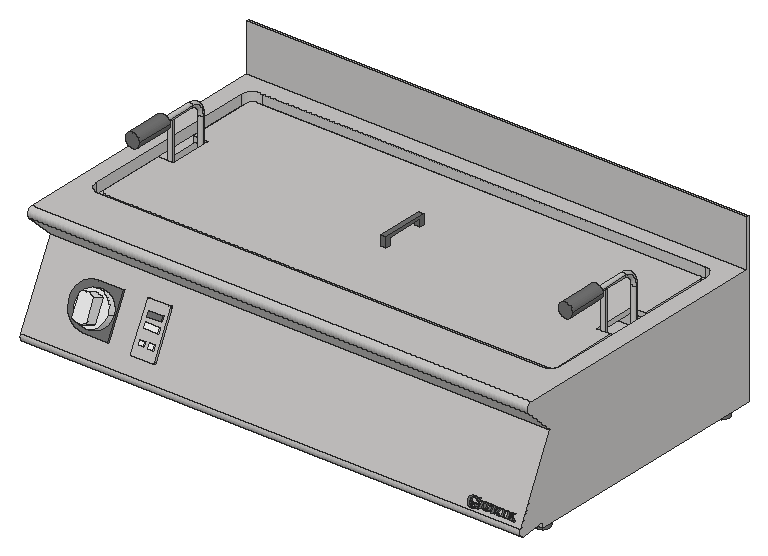
Revit family "QF_GIORIK_PFE2713", category Specialty Equipment, Revit 2014
Parameters (values of type "PFE2713")
  Weight in Pounds = 88.1848
  Watts = 10000 W
  Volts = 230 V
  URL Cutsheet = "www.giorik.com"
  URL = "www.giorik.com"
  Status [instance] = ""
  Specification by User [instance] = ""
  Specification by Manufacturer = ""
  Show Logo [instance] = yes
  Show Clearance [instance] = yes
  Serial Number = ""
  Seismic Rating = ""
  SMACNA No = ""
  Revision Code [instance] = ""
  Phase = 3
  Number of Poles [instance] = 3
  NAFEM Spec ID Number = ""
  Model = "PFE2713"
  Min Ckt Ampacity = 0 A
  Max Overcurrent Protection = 0 A
  Masterspec = ""
  Manufacturer = "GIORIK"
  Item Number [instance] = ""
  Installed By [instance] = ""
  Identify Quantity as Lot [instance] = no
  HP = "13.410200000000"
  Furnished By [instance] = ""
  Foodservice Equipment Identifier [instance] = yes
  FL Amps = 0 A
  Electrical Remarks [instance] = ""
  Electric Connection Type [instance] = ""
  Elec Conn RI Height [instance] = 0 mm
  Elec Conn Connection Height [instance] = 0 mm
  Description = "COUNTER FRYER 35 LT"
  Cycle = 50 Hz
  Conn Plug = ""
  CSI MasterFormat = ""
  Assembly Code = "E1090320"
  Apparent Power = 10000 VA
Reference planes
  plane 1 "Back": y = 0
  plane 2: z = 0
  plane 3 "Left": x = 0
  plane 4 "Right": x = 1050
  plane 5 "Front": y = -600
  plane 6 "Top": z = 269.988
Forms (mm)
  Extrusion 1, solid, visible <- "Show Logo"
    sketch origin (841.604, -616.761, 9.486) x (-1, 0, 0) y (0, 0.452718, 0.891654)
      loop
        line (-118.824, 58.358) -> (-127.804, 58.358) -> (-125.523, 56.445) -> (-125.523, 48.027) -> (-127.804, 46.113) -> (-118.824, 46.113) -> (-121.105, 48.027) -> (-121.105, 56.445) -> (-118.824, 58.358)
      loop
        line (-163.721, 58.358) -> (-172.7, 58.358) -> (-170.42, 56.445) -> (-170.42, 48.027) -> (-172.7, 46.113) -> (-163.721, 46.113) -> (-166.001, 48.027) -> (-166.001, 56.445) -> (-163.721, 58.358)
      loop
        line (-174.332, 58.358) -> (-183.312, 58.358) -> (-181.031, 56.445) -> (-181.031, 52.435) -> (-186.419, 56.955) -> (-184.416, 58.358) -> (-191.268, 58.358) -> (-188.01, 56.839) -> (-185.455, 54.283) -> (-190.846, 47.858) -> (-193.396, 46.93) -> (-193.396, 46.113) -> (-184.416, 46.113) -> (-185.437, 47.571) -> (-182.443, 51.552) -> (-181.031, 50.894) -> (-181.031, 48.027) -> (-183.312, 46.113) -> (-174.332, 46.113) -> (-176.613, 48.027) -> (-176.613, 56.445) -> (-174.332, 58.358)
      loop
        line (-115.429, 62.063) -> (-115.429, 54.198)
        arc (-115.429, 54.198) -> (-111.618, 57.803) -> (-106.847, 59.986) r 16.039
        arc (-106.847, 59.986) -> (-103.314, 59.837) -> (-100.512, 57.68) r 5.851
        arc (-100.512, 57.68) -> (-98.815, 52.267) -> (-100.512, 46.853) r 9.479
        arc (-100.512, 46.853) -> (-102.406, 44.986) -> (-104.846, 43.93) r 7.236
        arc (-104.846, 43.93) -> (-107.728, 44.111) -> (-110.052, 45.825) r 5.11
        line (-110.052, 45.825) -> (-110.052, 52.001) -> (-116.141, 52.001) -> (-116.141, 45.503) -> (-117.893, 43.751) -> (-114.094, 44.769)
        arc (-114.094, 44.769) -> (-112.56, 44.947) -> (-111.129, 44.366) r 3.115
        arc (-111.129, 44.366) -> (-104.216, 42.091) -> (-97.303, 44.366) r 11.641
        arc (-97.303, 44.366) -> (-93.396, 52.107) -> (-97.303, 59.849) r 9.622
        arc (-97.303, 59.849) -> (-104.369, 62.174) -> (-111.435, 59.849) r 11.898
        line (-111.435, 59.849) -> (-115.429, 62.063)
      loop
        arc (-129.234, 56.068) -> (-135.893, 58.628) -> (-142.552, 56.068) r 9.941
        arc (-142.552, 56.068) -> (-144.234, 52.286) -> (-142.552, 48.505) r 5.093
        arc (-142.552, 48.505) -> (-135.893, 45.945) -> (-129.234, 48.505) r 9.941
        arc (-129.234, 48.505) -> (-127.552, 52.286) -> (-129.234, 56.068) r 5.093
      loop
        arc (-132.628, 54.403) -> (-135.893, 57.668) -> (-139.158, 54.403) r 3.265
        line (-139.158, 54.403) -> (-139.158, 50.169)
        arc (-139.158, 50.169) -> (-135.893, 46.904) -> (-132.628, 50.169) r 3.265
        line (-132.628, 50.169) -> (-132.628, 54.403)
      loop
        arc (-156.363, 58.365) -> (-159.647, 55.081) -> (-156.363, 51.796) r 3.285
        line (-156.363, 51.796) -> (-159.529, 47.306) -> (-162.087, 46.113) -> (-155.847, 46.113) -> (-153.529, 51.083) -> (-150.637, 51.083) -> (-150.637, 47.784) -> (-153.022, 46.113) -> (-144.011, 46.113) -> (-146.094, 47.68) -> (-146.094, 56.493) -> (-144.229, 58.365) -> (-156.363, 58.365)
      loop
        line (-150.637, 57.512) -> (-153.637, 57.512)
        arc (-153.637, 57.512) -> (-156.237, 54.912) -> (-153.637, 52.312) r 2.6
        line (-153.637, 52.312) -> (-150.637, 52.312) -> (-150.637, 57.512)
      loop
        line (-108.924, 52.001) -> (-104.936, 49.005) -> (-100.948, 52.001) -> (-108.924, 52.001)
    from 1.5 to -0.5
  Extrusion 2, solid
    sketch origin (0, 1120, -620) x (0, 1, 0) y (0, 0, 1)
      loop
        line (-1120, 989.988) -> (-1125, 989.988) -> (-1125, 889.988) -> (-1688.806, 889.988)
        arc (-1688.806, 889.988) -> (-1699.151, 883.075) -> (-1696.724, 870.873) r 11.197
        line (-1696.724, 870.873) -> (-1640.876, 815.025) -> (-1718.948, 661.258)
        arc (-1718.948, 661.258) -> (-1718.233, 650.105) -> (-1708.118, 645.354) r 10.981
        line (-1708.118, 645.354) -> (-1660, 649.925) -> (-1660, 640) -> (-1120, 640) -> (-1120, 989.988)
    from 0 to 1050
  Extrusion 3, solid
    sketch origin (-293.221, -843.345, -547.637) x (1, 0, 0) y (0, 0.452718, 0.891654)
      loop
        line (463.221, 676.25) -> (463.221, 766.25) -> (409.698, 766.25)
        arc (409.698, 766.25) -> (364.698, 721.25) -> (409.698, 676.25) r 45
        line (409.698, 676.25) -> (463.221, 676.25)
    from 48 to 50
  Extrusion 4, solid
    sketch origin (481.331, -888.697, -525.041) x (-1, 0, 0) y (0, -0.45351, -0.891251)
      loop
        circle (351.331, -721.346) r 35
    from 0 to 15
  Extrusion 5, solid
    sketch origin (481.331, -888.697, -525.041) x (-1, 0, 0) y (0, -0.45351, -0.891251)
      loop
        arc (336.331, -743.846) -> (351.331, -748.846) -> (366.331, -743.846) r 25
        line (366.331, -743.846) -> (366.331, -698.846)
        arc (366.331, -698.846) -> (351.331, -693.846) -> (336.331, -698.846) r 25
        line (336.331, -698.846) -> (336.331, -743.846)
    from 15 to 40
  Extrusion 6, void
    sketch origin (0, 120, 219.988) x (0, 1, 0) y (-1, 0, 0)
      loop
        arc (-160, -60) -> (-167.322, -42.322) -> (-185, -35) r 25
        line (-185, -35) -> (-565.002, -35)
        arc (-565.002, -35) -> (-582.68, -42.322) -> (-590.002, -60) r 25
        line (-590.002, -60) -> (-590.002, -990)
        arc (-590.002, -990) -> (-582.68, -1007.678) -> (-565.002, -1015) r 25
        line (-565.002, -1015) -> (-185, -1015)
        arc (-185, -1015) -> (-167.322, -1007.678) -> (-160, -990) r 25
        line (-160, -990) -> (-160, -60)
    from -100 to 50
  Extrusion 7, solid
    sketch origin (0, 120, 300) x (0, 1, 0) y (-1, 0, 0)
      loop
        arc (-160, -60) -> (-167.322, -42.322) -> (-185, -35) r 25
        line (-185, -35) -> (-565.002, -35)
        arc (-565.002, -35) -> (-582.68, -42.322) -> (-590.002, -60) r 25
        line (-590.002, -60) -> (-590.002, -990)
        arc (-590.002, -990) -> (-582.68, -1007.678) -> (-565.002, -1015) r 25
        line (-565.002, -1015) -> (-185, -1015)
        arc (-185, -1015) -> (-167.322, -1007.678) -> (-160, -990) r 25
        line (-160, -990) -> (-160, -60)
      loop
        arc (-180, -64.989) -> (-182.929, -57.918) -> (-190, -54.989) r 10
        line (-190, -54.989) -> (-555.002, -54.989)
        arc (-555.002, -54.989) -> (-562.073, -57.918) -> (-565.002, -64.989) r 10
        line (-565.002, -64.989) -> (-565.002, -985)
        arc (-565.002, -985) -> (-562.073, -992.071) -> (-555.002, -995) r 10
        line (-555.002, -995) -> (-190, -995)
        arc (-190, -995) -> (-182.929, -992.071) -> (-180, -985) r 10
        line (-180, -985) -> (-180, -64.989)
    from -180.012 to -50
  Extrusion 8, solid
    sketch origin (-305.187, -917.248, -584.889) x (1, 0, 0) y (0, 0.453086, 0.891467)
      loop
        arc (527.687, 837.056) -> (525.919, 836.323) -> (525.187, 834.556) r 2.5
        line (525.187, 834.556) -> (525.187, 739.556)
        arc (525.187, 739.556) -> (525.919, 737.788) -> (527.687, 737.056) r 2.5
        line (527.687, 737.056) -> (572.687, 737.056)
        arc (572.687, 737.056) -> (574.454, 737.788) -> (575.187, 739.556) r 2.5
        line (575.187, 739.556) -> (575.187, 834.556)
        arc (575.187, 834.556) -> (574.454, 836.323) -> (572.687, 837.056) r 2.5
        line (572.687, 837.056) -> (527.687, 837.056)
    from 0 to 2
  Extrusion 9, solid
    sketch origin (-303.229, -911.046, -572.686) x (1, 0, 0) y (0, 0.453086, 0.891467)
      loop
        line (533.229, 803.367) -> (533.229, 793.367) -> (563.229, 793.367) -> (563.229, 803.367) -> (533.229, 803.367)
    from 0 to 3
  Extrusion 10, solid
    sketch origin (-303.229, -913.311, -577.143) x (1, 0, 0) y (0, 0.453086, 0.891467)
      loop
        line (533.229, 758.367) -> (533.229, 748.367) -> (543.229, 748.367) -> (543.229, 758.367) -> (533.229, 758.367)
    from 0 to 3
  Extrusion 11, solid
    sketch origin (-303.229, -920.107, -590.515) x (1, 0, 0) y (0, 0.453086, 0.891467)
      loop
        line (533.229, 803.367) -> (533.229, 793.367) -> (563.229, 793.367) -> (563.229, 803.367) -> (533.229, 803.367)
    from 0 to 3
  Extrusion 12, solid
    sketch origin (-283.229, -913.311, -577.143) x (1, 0, 0) y (0, 0.453086, 0.891467)
      loop
        line (533.229, 758.367) -> (533.229, 748.367) -> (543.229, 748.367) -> (543.229, 758.367) -> (533.229, 758.367)
    from 0 to 3
  Sweep 13, solid
    path origin (69.989, -52.501, -880) x (0, 1, 0) y (0, 0, 1)
      loop
        line (-160, 999.988) -> (-160, 1189.988)
        arc (-160, 1189.988) -> (-168.787, 1211.201) -> (-190, 1219.988) r 30
        line (-190, 1219.988) -> (-260, 1219.988)
    profile origin (69.989, -212.501, 214.988) x (0, -1, 0) y (1, 0, 0)
      loop
        circle (0, 0) r 5
  Extrusion 14, solid
    sketch origin (69.989, -50.001, 270) x (0, 1, 0) y (-1, 0, 0)
      loop
        circle (-242.47, 0) r 5
    from -150.012 to 70
  Sweep 15, solid
    path origin (980, -52.501, -880) x (0, 1, 0) y (0, 0, 1)
      loop
        line (-160, 999.988) -> (-160, 1189.988)
        arc (-160, 1189.988) -> (-168.787, 1211.201) -> (-190, 1219.988) r 30
        line (-190, 1219.988) -> (-260, 1219.988)
    profile origin (980, -212.501, 214.988) x (0, -1, 0) y (1, 0, 0)
      loop
        circle (0, 0) r 5
  Extrusion 16, solid
    sketch origin (980, -50.001, 270) x (0, 1, 0) y (-1, 0, 0)
      loop
        circle (-242.47, 0) r 5
    from -150.012 to 70
  Extrusion 17, solid
    sketch origin (0, 0, 270) x (0, 1, 0) y (-1, 0, 0)
      loop
        arc (-55, -60) -> (-57.929, -52.929) -> (-65, -50) r 10
        line (-65, -50) -> (-207.501, -50) -> (-207.501, -80) -> (-297.501, -80) -> (-297.501, -50) -> (-440, -50)
        arc (-440, -50) -> (-447.071, -52.929) -> (-450, -60) r 10
        line (-450, -60) -> (-450, -990)
        arc (-450, -990) -> (-447.071, -997.071) -> (-440, -1000) r 10
        line (-440, -1000) -> (-297.501, -1000) -> (-297.501, -970) -> (-207.501, -970) -> (-207.501, -1000) -> (-65, -1000)
        arc (-65, -1000) -> (-57.929, -997.071) -> (-55, -990) r 10
        line (-55, -990) -> (-55, -60)
    from -20 to -10
  Extrusion 18, solid
    sketch origin (500, 40, -880) x (0, 1, 0) y (0, 0, 1)
      loop
        line (-252.5, 1140) -> (-242.5, 1140) -> (-242.5, 1160) -> (-342.5, 1160) -> (-342.5, 1140) -> (-332.5, 1140) -> (-332.5, 1155) -> (-252.5, 1155) -> (-252.5, 1140)
    from 20 to 30
  Extrusion 19, solid
    sketch origin (0, -312.501, -880) x (1, 0, 0) y (0, 0, 1)
      loop
        circle (69.989, 1220) r 15
    from 0 to 80
  Extrusion 20, solid
    sketch origin (910.011, -312.501, -880) x (1, 0, 0) y (0, 0, 1)
      loop
        circle (69.989, 1220) r 15
    from 0 to 80
  Extrusion 21, solid
    sketch origin (-112, -256, -25) x (0, 1, 0) y (-1, 0, 0)
      loop
        circle (-129, -162) r 12.5
    from 30 to 45
  Extrusion 22, solid
    sketch origin (543.603, 45.293, -30) x (0, 1, 0) y (-1, 0, 0)
      loop
        circle (-79.293, 516.603) r 5
    from 41.965 to 50
  Revolve 23, solid
    sketch origin (27, 49.943, -600) x (0, 1, 0) y (0, 0, 1)
      loop
        line (-83.943, 611.965) -> (-94.752, 611.965) -> (-97.943, 600) -> (-83.943, 600) -> (-83.943, 611.965)
      axis (-83.943, 611.965) -> (-83.943, 600)
    angle from 0 to 360
  Extrusion 24, solid
    sketch origin (506.397, 45.293, -30) x (0, 1, 0) y (-1, 0, 0)
      loop
        circle (-79.293, -516.603) r 5
    from 41.965 to 50
  Revolve 25, solid
    sketch origin (1023, 49.943, -600) x (0, 1, 0) y (0, 0, -1)
      loop
        line (-83.943, -611.965) -> (-83.943, -600) -> (-97.943, -600) -> (-94.752, -611.965) -> (-83.943, -611.965)
      axis (-83.943, -611.965) -> (-83.943, -600)
    angle from 0 to 360
  Extrusion 26, solid
    sketch origin (543.603, -426.707, -30) x (0, 1, 0) y (-1, 0, 0)
      loop
        circle (-79.293, 516.603) r 5
    from 41.965 to 50
  Revolve 27, solid
    sketch origin (27, -422.057, -600) x (0, 1, 0) y (0, 0, 1)
      loop
        line (-83.943, 611.965) -> (-94.752, 611.965) -> (-97.943, 600) -> (-83.943, 600) -> (-83.943, 611.965)
      axis (-83.943, 611.965) -> (-83.943, 600)
    angle from 0 to 360
  Extrusion 28, solid
    sketch origin (506.397, -426.707, -30) x (0, 1, 0) y (-1, 0, 0)
      loop
        circle (-79.293, -516.603) r 5
    from 41.965 to 50
  Revolve 29, solid
    sketch origin (1023, -422.057, -600) x (0, 1, 0) y (0, 0, -1)
      loop
        line (-83.943, -611.965) -> (-83.943, -600) -> (-97.943, -600) -> (-94.752, -611.965) -> (-83.943, -611.965)
      axis (-83.943, -611.965) -> (-83.943, -600)
    angle from 0 to 360
Cuts and joins
  Extrusion 6 cuts Extrusion 2
Lines and regions (mm)
  symbolic lines, style "200-EquipBorder-2D"
    curve 1: line (0, -600, 0) -> (1050, -600, 0)
    curve 2: line (1050, -600, 0) -> (1050, 0, 0)
    curve 3: line (1050, 0, 0) -> (0, 0, 0)
    curve 4: line (0, 0, 0) -> (0, -600, 0)
    curve 53: line (115, -607.413, 269.988) -> (115, -600, 269.988)
    curve 54: line (145, -607.413, 269.988) -> (145, -600, 269.988)
    curve 55: arc (115, -607.413, 269.988) -> (130, -609.779, 269.988) -> (145, -607.413, 269.988) r 48.744
  symbolic lines, style "200-EquipInternal-2D"
    curve 5: line (990, -40, 269.988) -> (60, -40, 269.988)
    curve 6: arc (60, -40, 269.988) -> (42.322, -47.322, 269.988) -> (35, -65, 269.988) r 25
    curve 7: line (35, -65, 269.988) -> (35, -445, 269.988)
    curve 8: arc (1015, -65, 269.988) -> (1007.678, -47.322, 269.988) -> (990, -40, 269.988) r 25
    curve 9: line (60, -470, 269.988) -> (990.318, -470, 269.988)
    curve 10: arc (35, -445, 269.988) -> (42.322, -462.678, 269.988) -> (60, -470, 269.988) r 25
    curve 11: line (1015, -445.002, 269.988) -> (1015, -65, 269.988)
    curve 12: line (0, -5, 269.988) -> (1050, -5, 269.988)
    curve 13: line (50, -65, 269.988) -> (50, -207.501, 269.988)
    curve 14: line (80, -207.501, 269.988) -> (80, -297.501, 269.988)
    curve 15: line (50, -207.501, 269.988) -> (80, -207.501, 269.988)
    curve 16: line (64.989, -297.501, 269.988) -> (50, -297.501, 269.988)
    curve 17: line (50, -297.501, 269.988) -> (50, -440, 269.988)
    curve 18: line (60, -450, 269.988) -> (990, -450, 269.988)
    curve 19: line (1000, -207.501, 269.988) -> (1000, -65, 269.988)
    curve 20: line (1000, -440, 269.988) -> (1000, -297.501, 269.988)
    curve 21: line (970, -297.501, 269.988) -> (970, -207.501, 269.988)
    curve 22: line (970, -207.501, 269.988) -> (1000, -207.501, 269.988)
    curve 23: line (1000, -297.501, 269.988) -> (985, -297.501, 269.988)
    curve 24: line (54.989, -207.501, 269.988) -> (54.989, -297.501, 269.988)
    curve 25: line (995, -207.501, 269.988) -> (995, -297.501, 269.988)
    curve 26: line (54.989, -312.501, 269.988) -> (54.989, -392.501, 269.988)
    curve 27: line (54.989, -392.501, 269.988) -> (84.989, -392.501, 269.988)
    curve 28: line (84.989, -392.501, 269.988) -> (84.989, -312.501, 269.988)
    curve 29: line (84.989, -312.501, 269.988) -> (74.989, -312.501, 269.988)
    curve 30: line (74.989, -312.501, 269.988) -> (74.989, -212.501, 269.988)
    curve 31: line (54.989, -312.501, 269.988) -> (64.989, -312.501, 269.988)
    curve 32: line (64.989, -312.501, 269.988) -> (64.989, -212.501, 269.988)
    curve 33: line (74.989, -297.501, 269.988) -> (80, -297.501, 269.988)
    curve 34: arc (64.989, -212.501, 269.988) -> (69.989, -207.501, 269.988) -> (74.989, -212.501, 269.988) r 5
    curve 35: line (530, -202.5, 269.988) -> (520, -202.5, 269.988)
    curve 36: line (530, -302.5, 269.988) -> (530, -202.5, 269.988)
    curve 37: line (520, -202.5, 269.988) -> (520, -302.5, 269.988)
    curve 38: line (520, -302.5, 269.988) -> (530, -302.5, 269.988)
    curve 39: line (970, -297.501, 269.988) -> (975, -297.501, 269.988)
    curve 40: line (995, -392.501, 269.988) -> (965, -392.501, 269.988)
    curve 41: line (965, -392.501, 269.988) -> (965, -312.501, 269.988)
    curve 42: line (965, -312.501, 269.988) -> (975, -312.501, 269.988)
    curve 43: line (975, -312.501, 269.988) -> (975, -212.501, 269.988)
    curve 44: line (985, -212.501, 269.988) -> (985, -312.501, 269.988)
    curve 45: line (985, -312.501, 269.988) -> (995, -312.501, 269.988)
    curve 46: line (995, -312.501, 269.988) -> (995, -392.501, 269.988)
    curve 47: arc (975, -212.501, 269.988) -> (980, -207.501, 269.988) -> (985, -212.501, 269.988) r 5
    curve 48: arc (60, -55, 269.988) -> (52.929, -57.929, 269.988) -> (50, -65, 269.988) r 10
    curve 49: line (990, -55, 269.988) -> (60, -55, 269.988)
    curve 50: arc (1000, -65, 269.988) -> (997.071, -57.929, 269.988) -> (990, -55, 269.988) r 10
    curve 51: arc (990, -450, 269.988) -> (997.071, -447.071, 269.988) -> (1000, -440, 269.988) r 10
    curve 52: arc (50, -440, 269.988) -> (52.929, -447.071, 269.988) -> (60, -450, 269.988) r 10
    curve 56: arc (990.318, -470, 269.988) -> (1007.79, -462.567, 269.988) -> (1015, -445.002, 269.988) r 25
Dimensions and locks
  plane 3 "Left" to plane 4 "Right" = 1050 mm
  plane 5 "Front" to plane 1 "Back" = 600 mm
  plane 4 "Right" to plane 3 "Left" = 1050 mm
  plane 1 "Back" to plane 5 "Front" = 600 mm
  plane 6 "Top" to level = 269.988 mm  (x2)
  aligned and locked: level to plane 2
Connectors
  electrical at (50, -385, 5), driven by "Apparent Power", driven by "Volts", driven by "Number of Poles"
    settings: on Extrusion 21, index 1, voltage 230 V, apparent load 0 VA, apparent load phase1 10000 VA, apparent load phase2 0 VA, apparent load phase3 0 VA, power factor 1, load classification "Other", number of poles 3, system type 31, power factor state 1, is connector primary yes, connector utility no, sub classification motor no, connector description "Electrical connection"
